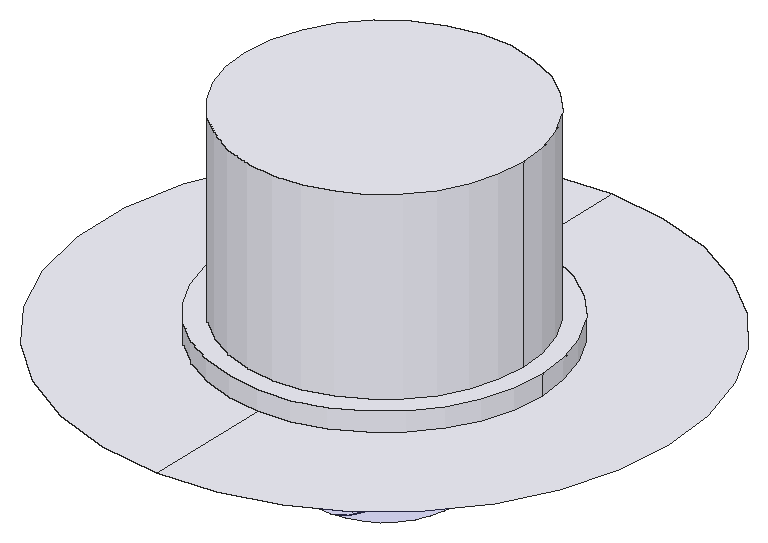
Revit family "PD9 FP types Sans hôte", category Dispositifs d'éclairage, Revit 2019
Family settings
  Conserver l'orientation des annotations = Non
  Cote de connecteur circulaire = Utiliser le diamètre
  Type d'élément = Normal
  Basée sur le plan de construction = Oui
  Toujours verticalement = Oui
  Couper avec des vides une fois chargée = Non
  Partagée = Non
  Point de calcul de pièce = Non
Parameters (values of type "01- PD9 FP Générique")
  Portée frontale [instance] = Position en hauteur * 2.4  # 600 cm
  Portée de biais [instance] = Position en hauteur * 4  # 1000 cm
  Hauteur de montage max préconisée [instance] = Hauteur de montage max  # 300 cm
  Hauteur de montage max = 300 cm
  Activitée assise [instance] = Position en hauteur * 1.6  # 400 cm
  Zone de detection [instance] = no
  URL = "http://www.luxomat.com"
  Type de Sortie = ""
  Température ambiante = "-25°C à +50°C"
  Référence = ""
  Relais = ""
  Position en hauteur [instance] = 250 cm
  Mode de pose = "Faux Plafond"
  Etiquette [instance] = yes
  Modèle = "PD9 FP"
  Marque = "LUXOMAT"
  Image du type = 360°.jpg
  IP = "20"
  Fabricant = "B.E.G."
  Default Elevation = 0 cm
  Consommation = ""
  Commentaires du type = "MINI.DET.PRES.360°/Ø10M FAUX PLAFOND"
  Code d'assemblage = "D5010200"
  Classe = "II"
  Charge LED = ""
  Charge Cos ɸ =1 = ""
  Charge Cos ɸ =0.5 = ""
  Zone assise [instance] = Position en hauteur < 300.1 cm  # yes
  Alimentation = "110-240 V AC"
Types (15, lengths in cm): name | Type de Sortie | Température ambiante | Référence | Relais | Modèle | IP | Consommation | Commentaires du type | Classe | Charge LED | Charge Cos ɸ =1 | Charge Cos ɸ =0.5 | Alimentation
  (no name) | "" | "-25°C à +50°C" | "" | "" | "PD9 FP" | "20" | "" | "MINI.DET.PRES.360°/Ø10M FAUX PLAFOND" | "II" | "" | "" | "" | "110-240 V AC"
  01- PD9 FP Générique | "" | "-25°C à +50°C" | "" | "" | "PD9 FP" | "20" | "" | "MINI.DET.PRES.360°/Ø10M FAUX PLAFOND" | "II" | "" | "" | "" | "110-240 V AC"
  02- PD9 1C FP réf 92902 | "TOR " | "-25°C à +50°C" | "92902" | "4,3 A" | "PD9 1C FP" | "20" | "0,40 W" | "MINI.DET.MOUV.1 CONTACT.360°/Ø10M FAUX PLAFOND" | "II" | "200 W" | "1000 W" | "500 VA" | "110-240 V AC"
  14- PD9 1C 12-48V FP réf 92985 | "TOR" | "-25°C à +50°C" | "92985" | "10 A" | "PD9 1C 12-48V FP" | "20" | "0,40 W" | "MINI.DET.MOUV.12-48V.1 CONTACT.360°/Ø10M FAUX PLAFOND" | "II" | "300 W" | "2300 W" | "1150 VA" | "12-48 V AC/DC"
  03- PD9 M 1C FP réf 92900 | "TOR" | "-25°C à +50°C" | "92900" | "10 A" | "PD9 M 1C FP" | "20" | "0,40 W" | "MINI.DET.PRES.MAITRE.1 CONTACT.360°/Ø10M FAUX PLAFOND" | "II" | "300 W" | "2300 W" | "1150 VA" | "110-240 V AC"
  04- PD9 M 1C IP65 FP réf 92912 | "TOR" | "-25°C à +50°C" | "92912" | "10 A" | "PD9 M 1C IP65 FP" | "Alim. 20 / Tête 65" | "1 W" | "MINI.DET.PRES.SALLE DE BAIN.MAITRE.1 CONTACT.360°/Ø10M FAUX PLAFOND" | "Alim. II / Tête III" | "300 W" | "2300 W" | "1150 VA" | "110-240 V AC"
  05- PD9 M 2C FP réf 92976 | "TOR + CVC" | "-25°C à +50°C" | "92976" | "10 A / 3 A" | "PD9 M 2C FP" | "20" | "0,45 W" | "MINI.DET.PRES.MAITRE.2 CONTACTS.360°/Ø10M FAUX PLAFOND" | "II" | "300 W" | "2300 W" | "1150 VA" | "110-240 V AC"
  07- PD9 M DIM FP réf 92910 | "DIM (50 ballasts maxi)" | "-25°C à +50°C" | "92910" | "10 A" | "PD9 M DIM FP" | "20" | "0,47 W" | "MINI.DET.PRES.MAITRE.DIM(1-10V).360°/Ø10M FAUX PLAFOND" | "II" | "300 W" | "2300 W" | "1150 VA" | "110-240 V AC"
  08- PD9 M DIM CVC FP réf 92973 | "DIM (50 ballasts maxi) + CVC" | "-25°C à +50°C" | "92973" | "10 A / 3 A" | "PD9 M DIM CVC FP" | "23" | "0,50 W" | "MINI.DET.PRES.MAITRE.DIM(1-10V) + CVC.360°/Ø10M FAUX PLAFOND" | "II" | "300 W" | "2300 W" | "1150 VA" | "110-240 V AC"
  06- PD9N M DACO FP réf 93470 | "DALI 2  (40 drivers maxi)" | "-25°C à +50°C" | "93470" | "0" | "PD9N M DACO FP" | "20" | "2 W" | "MINI.DET.PRES.MAITRE.DALI 2.360°/Ø10M FAUX PLAFOND" | "II" | "0" | "0" | "0" | "110-240 V AC"
  11- PD9N KNX DX FP réf 93390 | "KNX - 1 sortie Eclairage TOR ou GRADATION / 3 sorties Présence / Capteur de température" | "-5°C à +45°C" | "93390" | "0" | "PD9N KNX DX FP" | "20" | "12 mA" | "MINI.DET.PRES.KNX.VERSION DELUXE.360°/Ø10M FAUX PLAFOND" | "II" | "0" | "0" | "0" | "24 V DC par Bus KNX"
  13- PD9N LON FP réf 92989 | "LON" | "+5°C à +50°C" | "92989" | "0" | "PD9N LON FP" | "20" | "12 mA" | "MINI.DET.PRES.LON.360°/Ø10M FAUX PLAFOND" | "II" | "0" | "0" | "0" | "24 V DC par Bus LON"
  09- PD9 S FP réf 92905 | "Esclave" | "-25°C à +50°C" | "92905" | "0" | "PD9 S FP" | "20" | "0,25 W" | "MINI.DET.PRES.ESCLAVE.360°/Ø10M FAUX PLAFOND" | "II" | "0" | "0" | "0" | "110-240 V AC"
  10- PD9 S IP65 FP réf 92915 | "Esclave" | "-25°C à +50°C" | "92915" | "0" | "PD9 S IP65 FP" | "Tête 65" | "0,25 W" | "MINI.DET.PRES.SALLE DE BAIN.ESCLAVE.360°/Ø10M FAUX PLAFOND" | "Tête III" | "0" | "0" | "0" | "110-240 V AC"
  12- PD9N KNXs DX FP réf 93520 | "KNX Sécure - 1 sortie Eclairage TOR ou GRADATION / 3 sorties Présence" | "-5°C à +45°C" | "93520" | "0" | "PD9N KNXs DX FP" | "20" | "12 mA" | "MINI.DET.PRES.KNX Secure.VERSION DELUXE.360°/Ø10M FAUX PLAFOND" | "II" | "0" | "0" | "0" | "24 V DC par Bus KNX"
Reference planes (cm)
  plane 1 "Centre (avant/arrière)": y = 0
  plane 2: z = 0
  plane 3 "Centre (gauche/droite)": x = 0
Dimensions and locks (cm)
  aligned and locked: level to plane 2
  aligned and locked: nested 3 to plane 3 "Centre (gauche/droite)"
  aligned and locked: nested 3 to plane 1 "Centre (avant/arrière)"
  aligned and locked: nested 3 to nested 4  (x2)
Nested families (cm)
  nested 1: "Famille4" at (5.75, -60.8256, 0), visible <- "Etiquette", modèle <- "Modèle", réference <- "Référence", type "Famille4"
    with réference "", modèle "PD9 FP"
  nested 2: "Plafond 360° 2D" at (0, 0, 0), type "Plafond 360° 2D"
  nested 3: "zone G" at (0, 0, 0), activité assise <- "Activitée assise", biais <- "Portée de biais", frontal <- "Portée frontale", visible <- "Zone de detection", Zone assise <- "Zone assise", type "zone G"
    with position 2 240 cm, position 1 400 cm, frontal 600 cm, biais 1000 cm, activité assise 400 cm, Zone assise yes
  nested 4: "M20" at (0, 0, 0), type "Standard"
Connectors (cm)
  electrical at (0, 0, 0)
    settings: index 1, voltage 230 V, apparent load 0 VA, apparent load phase1 0 VA, apparent load phase2 0 VA, apparent load phase3 0 VA, power factor 1, load classification "Eclairage", number of poles 1, system type 31, power factor state 1, is connector primary yes, connector utility no, sub classification motor no, connector description ""
Definition of nested family "M20"
  Parameters (values of type "Standard")
    d47 = 0 cm
    d44 = 0 cm
  Reference planes (cm)
    plane 1 "Centre (avant/arrière)": y = 0
    plane 2: z = 0
    plane 3 "Centre (gauche/droite)": x = 0
    plane 4: x = 0
  Forms (cm)
    Revolve 1, solid, not visible
      sketch origin (0, 0, 0) x (0, -1, 0) y (0, 0, -1)
        loop
          line (0, 0) -> (0, -0.5) -> (0.95, -0.5)
          arc (0.95, -0.5) -> (1.6219, -0.307) -> (2.25, 0) r 4
          line (2.25, 0) -> (0, 0)
        axis (0, 0) -> (0, -0.5)
      angle from 0 to 360
    Revolve 2, solid, not visible
      sketch origin (0, 0, 0) x (0, -1, 0) y (0, 0, -1)
        loop
          line (0, -0.5) -> (0, -1.2)
          arc (0, -1.2) -> (0.59, -1.0061) -> (0.95, -0.5) r 0.9946
          line (0.95, -0.5) -> (0, -0.5)
        axis (0, -0.5) -> (0, -1.2)
      angle from 0 to 360
    Extrusion 3, solid, not visible
      sketch origin (0, -2.25, 0) x (0, 1, 0) y (1, 0, 0)
        loop
          circle (2.25, 0) r 1.25
      from 0 to 0.15
    Extrusion 4, solid, not visible
      sketch origin (-1.25, 0, -0.15) x (1, 0, 0) y (0, -1, 0)
        loop
          circle (1.25, 0) r 1.1
      from 0 to 1.45
    Revolve 5, solid
      sketch origin (0, 0, 0) x (0, 1, 0) y (0, 0, 1)
        loop
          line (0, 0) -> (-2.25, 0)
          arc (-2.25, 0) -> (-1.6219, -0.307) -> (-0.95, -0.5) r 4
          line (-0.95, -0.5) -> (0, -0.5) -> (0, 0)
        axis (0, 0) -> (0, -0.5)
      angle from 0 to 360
    Revolve 6, solid
      sketch origin (0, 0, 0) x (0, 1, 0) y (0, 0, 1)
        loop
          line (0, -0.5) -> (-0.95, -0.5)
          arc (-0.95, -0.5) -> (-0.59, -1.0061) -> (0, -1.2) r 0.9946
          line (0, -1.2) -> (0, -0.5)
        axis (0, -0.5) -> (0, -1.2)
      angle from 0 to 360
    Extrusion 7, solid
      sketch origin (0, 2.25, 0) x (-1, 0, 0) y (0, -1, 0)
        loop
          circle (0, 2.25) r 1.25
      from 0 to 0.15
    Extrusion 8, solid
      sketch origin (-1.25, 0, 0.15) x (0, -1, 0) y (1, 0, 0)
        loop
          circle (0, 1.25) r 1.1
      from 0 to 1.45
  Dimensions and locks (cm)
    aligned and locked: level to plane 2
Definition of nested family "Famille4"
  Parameters (values of type "Famille4")
    réference [instance] = ""
    modèle [instance] = ""
  Reference planes (cm)
    plane 1: y = 0
    plane 2: x = 0
  Text (cm)
    label "réference\nmodèle" at (-0.0547, 0.0091, 0), shows "réference", "modèle"
Definition of nested family "Plafond 360° 2D"
  Reference planes (cm)
    plane 1: y = 0
    plane 2: x = 0
  Lines and regions (cm)
    Filled region 1, type "rouge"
      outline origin (0, 0, 0) x (1, 0, 0) y (0, 1, 0)
        loop
          circle (0, 0) r 0.0294
    detail lines
      curve 1: arc (-0.1732, 0.1, 0) -> (-0.2, 0, 0) -> (-0.1732, -0.1, 0) r 0.2
      curve 2: arc (-0.1, -0.1732, 0) -> (0, -0.2, 0) -> (0.1, -0.1732, 0) r 0.2
      curve 3: arc (0.1732, -0.1, 0) -> (0.2, 0, 0) -> (0.1732, 0.1, 0) r 0.2
      curve 4: arc (0.1, 0.1732, 0) -> (0, 0.2, 0) -> (-0.1, 0.1732, 0) r 0.2
      curve 5: arc (-0.1375, 0.0794, 0) -> (-0.1588, 0, 0) -> (-0.1375, -0.0794, 0) r 0.1588
      curve 6: arc (-0.0794, -0.1375, 0) -> (0, -0.1588, 0) -> (0.0794, -0.1375, 0) r 0.1588
      curve 7: arc (0.1375, -0.0794, 0) -> (0.1588, 0, 0) -> (0.1375, 0.0794, 0) r 0.1588
      curve 8: arc (0.0794, 0.1375, 0) -> (0, 0.1588, 0) -> (-0.0794, 0.1375, 0) r 0.1588
      curve 9: arc (-0.1019, 0.0588, 0) -> (-0.1176, 0, 0) -> (-0.1019, -0.0588, 0) r 0.1176
      curve 10: arc (-0.0588, -0.1019, 0) -> (0, -0.1176, 0) -> (0.0588, -0.1019, 0) r 0.1176
      curve 11: arc (0.1019, -0.0588, 0) -> (0.1176, 0, 0) -> (0.1019, 0.0588, 0) r 0.1176
      curve 12: arc (0.0588, 0.1019, 0) -> (0, 0.1176, 0) -> (-0.0588, 0.1019, 0) r 0.1176
      curve 13: arc (-0.0294, 0, 0) -> (0, -0.0294, 0) -> (0.0294, 0, 0) r 0.0294
      curve 14: arc (0.0294, 0, 0) -> (0, 0.0294, 0) -> (-0.0294, 0, 0) r 0.0294
Definition of nested family "zone G"
  Parameters (values of type "zone G")
    position 2 [instance] = (frontal / 2) * 0.8  # 240 cm
    position 1 [instance] = ((biais / 2) + (frontal / 2)) / 2  # 400 cm
    frontal [instance] = 600 cm
    biais [instance] = 1000 cm
    activité assise [instance] = 400 cm
    Zone assise [instance] = yes
  Reference planes (cm)
    plane 1 "Centre (avant/arrière)": y = 0
    plane 2: z = 0
    plane 3 "Centre (gauche/droite)": x = 0
    plane 4: x = -400
    plane 5: y = -240
  Lines and regions (cm)
    detail lines, in view "Niveau de réf.", visible <- "Zone assise"
      curve 1: circle (0, 0, 0) r 200 normal (0, 0, 1)
      curve 16: spline (-100.1609, 35.3835, 0) -> (-99.2494, 35.2529, 0) -> (-98.3931, 34.8281, 0) -> (-97.6502, 34.138, 0) -> (-97.0714, 33.2297, 0) -> (-96.6961, 32.165, 0) -> (-96.55, 31.0166, 0) -> (-96.643, 29.8626, 0) -> (-96.9687, 28.7818, 0) -> (-97.5049, 27.8477, 0) -> (-98.2152, 27.1241, 0) -> (-99.051, 26.6602, 0) -> (-99.9555, 26.4877, 0) -> (-100.867, 26.6183, 0) -> (-101.7234, 27.0431, 0) -> (-102.4663, 27.7332, 0) -> (-103.0451, 28.6415, 0) -> (-103.4203, 29.7062, 0) -> (-103.5664, 30.8546, 0) -> (-103.4735, 32.0085, 0) -> (-103.1478, 33.0894, 0) -> (-102.6115, 34.0234, 0) -> (-101.9013, 34.7471, 0) -> (-101.0654, 35.211, 0) -> (-100.1609, 35.3835, 0)
      curve 17: line (-100, 26, 0) -> (-100, 0, 0)
      curve 18: line (-100, 0, 0) -> (-83, 0, 0)
      curve 19: line (-83, 0, 0) -> (-83, -21, 0)
      curve 20: line (-100, 22.2972, 0) -> (-87.1203, 15.4489, 0)
      curve 21: line (-110.5298, 20.3537, 0) -> (-105.6439, -2.6328, 0)
      curve 22: line (-105.6439, -2.6328, 0) -> (-85.0082, -2.6328, 0)
      curve 23: line (-90.8164, -2.6328, 0) -> (-90.8164, -21, 0)
      curve 24: line (-102.3261, -2.6328, 0) -> (-102.3261, -21, 0)
      curve 34: line (-90.8164, 8.5, 0) -> (-64.3164, 8.5, 0)
      curve 35: line (-75.5, -21, 0) -> (-75.5, 8.5, 0)
      curve 36: line (-69, -21, 0) -> (-69, 8.5, 0)
    detail lines, in view "Niveau de réf."
      curve 2: circle (0, 0, 0) r 300 normal (0, 0, 1)
      curve 3: circle (0, 0, 0) r 500 normal (0, 0, 1)
      curve 4: line (-400, -41.4725, 0) -> (-400, 41.4725, 0)
      curve 5: line (-400, 41.4725, 0) -> (-422.1638, 13.1041, 0)
      curve 6: line (-400, 41.4725, 0) -> (-377.8362, 13.1041, 0)
      curve 10: line (0, -294.5767, 0) -> (0, -211.6316, 0)
      curve 11: line (0, -211.6316, 0) -> (-22.1638, -240, 0)
      curve 12: line (0, -211.6316, 0) -> (22.1638, -240, 0)
    detail lines, in view "Niveau de réf.", not visible
      curve 7: line (628.0656, -64.277, 0) -> (628.0656, 18.6681, 0)
      curve 8: line (628.0656, 18.6681, 0) -> (605.9018, -9.7003, 0)
      curve 9: line (628.0656, 18.6681, 0) -> (650.2294, -9.7003, 0)
      curve 13: line (628.0656, -64.277, 0) -> (628.0656, 18.6681, 0)
      curve 14: line (628.0656, 18.6681, 0) -> (605.9018, -9.7003, 0)
      curve 15: line (628.0656, 18.6681, 0) -> (650.2294, -9.7003, 0)
    detail lines, in view "Niveau de réf.", visible <- "Zone assise", not visible
      curve 25: spline (932.3619, 15.8637, 0) -> (933.2734, 15.7331, 0) -> (934.1297, 15.3083, 0) -> (934.8726, 14.6182, 0) -> (935.4514, 13.7099, 0) -> (935.8267, 12.6452, 0) -> (935.9728, 11.4968, 0) -> (935.8798, 10.3428, 0) -> (935.5541, 9.262, 0) -> (935.0179, 8.3279, 0) -> (934.3076, 7.6043, 0) -> (933.4718, 7.1404, 0) -> (932.5673, 6.9679, 0) -> (931.6558, 7.0985, 0) -> (930.7994, 7.5233, 0) -> (930.0565, 8.2134, 0) -> (929.4777, 9.1217, 0) -> (929.1025, 10.1864, 0) -> (928.9564, 11.3348, 0) -> (929.0493, 12.4888, 0) -> (929.375, 13.5696, 0) -> (929.9113, 14.5037, 0) -> (930.6215, 15.2273, 0) -> (931.4574, 15.6912, 0) -> (932.3619, 15.8637, 0)
      curve 26: line (932.5228, 6.4802, 0) -> (932.5228, -19.5198, 0)
      curve 27: line (932.5228, -19.5198, 0) -> (949.5228, -19.5198, 0)
      curve 28: line (949.5228, -19.5198, 0) -> (949.5228, -40.5198, 0)
      curve 29: line (932.5228, 2.7774, 0) -> (945.4025, -4.0709, 0)
      curve 30: line (921.993, 0.8339, 0) -> (926.8789, -22.1526, 0)
      curve 31: line (926.8789, -22.1526, 0) -> (947.5146, -22.1526, 0)
      curve 32: line (941.7064, -22.1526, 0) -> (941.7064, -40.5198, 0)
      curve 33: line (930.1967, -22.1526, 0) -> (930.1967, -40.5198, 0)
      curve 37: line (941.7064, -11.0198, 0) -> (968.2064, -11.0198, 0)
      curve 38: line (957.0228, -40.5198, 0) -> (957.0228, -11.0198, 0)
      curve 39: line (963.5228, -40.5198, 0) -> (963.5228, -11.0198, 0)
  Dimensions and locks (cm)
    "position 1": plane 4 to plane 3 "Centre (gauche/droite)"
    "position 2": plane 5 to plane 1 "Centre (avant/arrière)"
    "activité assise": diameter of curve 1
    "biais": diameter of curve 3
    "frontal": diameter of curve 2
    aligned and locked: plane 4 to curve 4
    aligned and locked: plane 1 "Centre (avant/arrière)" to curve 18
    aligned and locked: curve 10 to plane 3 "Centre (gauche/droite)"
    aligned and locked: plane 5 to curve 12
  Automatic sketch dimensions
    curve 5 to curve 5 = 22.1638 cm
    curve 4 to curve 6 = 22.1638 cm
    curve 6 to curve 5 = 28.3684 cm
    curve 5 to curve 5 = 28.3684 cm
    curve 4 to curve 5 = 54.5767 cm
    curve 8 to curve 8 = 22.1638 cm
    curve 7 to curve 9 = 22.1638 cm
    curve 9 to curve 8 = 28.3684 cm
    curve 8 to curve 8 = 28.3684 cm
    curve 7 to curve 8 = 54.5767 cm
    curve 11 to curve 11 = 22.1638 cm
    curve 10 to curve 12 = 22.1638 cm
    curve 12 to curve 11 = 28.3684 cm
    curve 11 to curve 11 = 28.3684 cm
    curve 10 to curve 11 = 54.5767 cm
    curve 14 to curve 14 = 22.1638 cm
    curve 13 to curve 15 = 22.1638 cm
    curve 15 to curve 14 = 28.3684 cm
    curve 14 to curve 14 = 28.3684 cm
    curve 13 to curve 14 = 54.5767 cm
    curve 21 to curve 17 = 5.6439 cm
    curve 17 to curve 19 = 17 cm
    curve 22 to curve 19 = 2.6328 cm
    curve 21 to curve 20 = 10.5298 cm
    curve 21 to curve 24 = 3.3178 cm
    curve 16 to curve 17 = 0.1609 cm
    curve 16 to curve 16 = 0.1027 cm
    curve 23 to curve 18 = 7.8164 cm
    curve 34 to curve 23 = 0 cm
    curve 34 to curve 20 = 3.6961 cm
    curve 22 to curve 18 = 2.0082 cm
    curve 19 to curve 35 = 7.5 cm
    curve 35 to curve 36 = 6.5 cm
    curve 36 to curve 34 = 4.6836 cm
    curve 35 to curve 22 = 18.3672 cm
    curve 23 to curve 35 = 0 cm
    curve 19 to curve 35 = 0 cm
    curve 35 to curve 36 = 0 cm
    curve 24 to curve 23 = 0 cm
    curve 18 to curve 36 = 8.5 cm
    curve 34 to curve 20 = 6.9489 cm
    curve 17 to curve 21 = 20.3537 cm
    curve 21 to curve 20 = 1.9435 cm
    curve 20 to curve 17 = 3.7028 cm
    curve 17 to curve 16 = 4.9356 cm
    curve 30 to curve 26 = 5.6439 cm
    curve 26 to curve 28 = 17 cm
    curve 31 to curve 28 = 2.6328 cm
    curve 30 to curve 29 = 10.5298 cm
    curve 30 to curve 33 = 3.3178 cm
    curve 25 to curve 26 = 0.1609 cm
    curve 25 to curve 25 = 0.1027 cm
    curve 32 to curve 27 = 7.8164 cm
    curve 37 to curve 32 = 0 cm
    curve 37 to curve 29 = 3.6961 cm
    curve 31 to curve 27 = 2.0082 cm
    curve 28 to curve 38 = 7.5 cm
    curve 38 to curve 39 = 6.5 cm
    curve 39 to curve 37 = 4.6836 cm
    curve 38 to curve 31 = 18.3672 cm
    curve 32 to curve 38 = 0 cm
    curve 28 to curve 38 = 0 cm
    curve 38 to curve 39 = 0 cm
    curve 33 to curve 32 = 0 cm
    curve 27 to curve 39 = 8.5 cm
    curve 37 to curve 29 = 6.9489 cm
    curve 26 to curve 30 = 20.3537 cm
    curve 30 to curve 29 = 1.9435 cm
    curve 29 to curve 26 = 3.7028 cm
    curve 26 to curve 25 = 4.9356 cm
    curve 1 to curve 2 = 0 cm  (x2)
    curve 1 to curve 3 = 0 cm  (x2)
    curve 2 to curve 3 = 0 cm  (x2)
    plane 1 "Centre (avant/arrière)" to curve 2 = 0 cm
    curve 2 to plane 3 "Centre (gauche/droite)" = 0 cm
